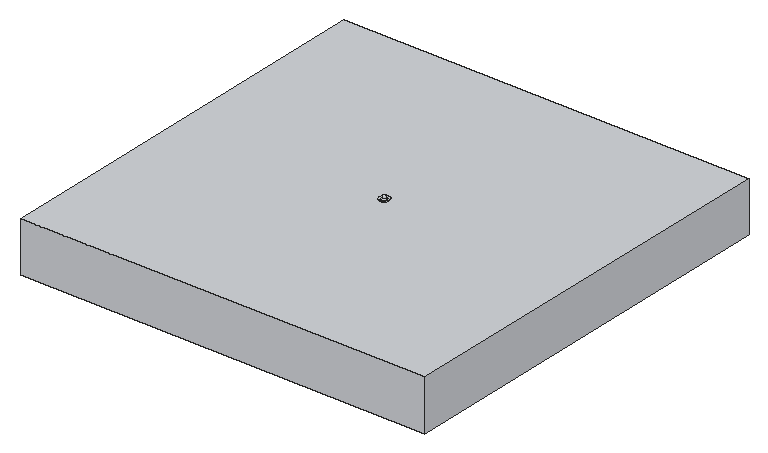
Revit family
Parameters (values of type "-PBH Pushbutton")
  Waste Connection = no
  WFU = 0
  Vent Connection = no
  URL = "http://www.acornengineeering.com"
  Model = "2566-150-001"
  Material = 304 Stainless Steel
  Manufacturer = "Acorn Engineering"
  HWFU = 0
  HW Connection = no
  Description = "-PBH Pushbutton"
  Default Elevation = 15"
  CWFU = 0
  CW Connection = no
  Assembly Code = ""
Reference planes (in)
  plane 1 "Center (Front/Back)": y = 0
  plane 2: z = 0
  plane 3 "Center (Left/Right)": x = 0
Forms (in)
  Extrusion 1, solid
    sketch origin (0, 0, 0) x (1, 0, 0) y (0, 1, 0)
      loop
        line (-48, 48) -> (-48, -48) -> (48, -48) -> (48, 48) -> (-48, 48)
    from 0 to -12
  Revolve 2, solid, detail levels fine
    sketch origin (-2.5, -0.00007, -1) x (-1, 0, 0) y (0, 0, 1)
      loop
        line (-2.5, 1) -> (-2.5, 1.76185)
        arc (-2.5, 1.76185) -> (-2.75064, 1.65804) -> (-2.85446, 1.4074) r 0.35446
        line (-2.85446, 1.4074) -> (-3.06191, 1) -> (-2.5, 1)
      axis (-2.5, 1) -> (-2.5, 1.76185)
    angle from 0 to 360
  Extrusion 3, solid
    sketch origin (0, 0, 0) x (1, 0, 0) y (0, 1, 0)
      loop
        circle (0, 0) r 1.125
    from 0 to -1.125
  Extrusion 4, solid
    sketch origin (0, 0, 0) x (1, 0, 0) y (0, 1, 0)
      loop
        circle (0, 0) r 0.25
    from -1.125 to -1.75
Dimensions and locks (in)
  aligned and locked: plane 2 to Extrusion 1
  aligned and locked: level to Extrusion 1
  aligned and locked: Extrusion 4 to Extrusion 3
Connectors (in)
  piping at (0, 0, -1.75)
    settings: on Extrusion 4, index 1
